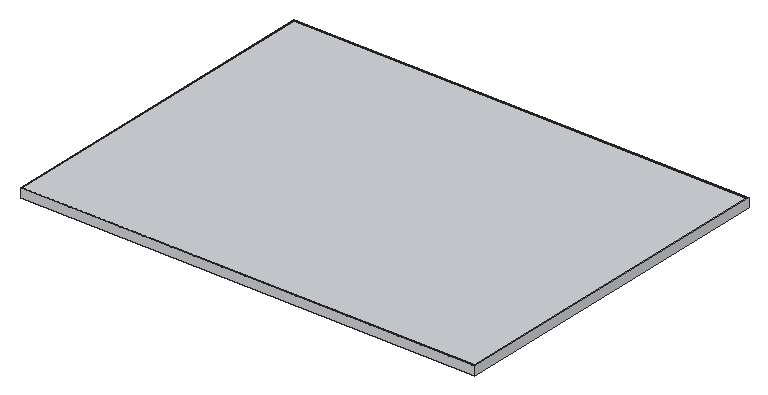
Revit family "Ghent - Flyte Frameless Whiteboard", category Furniture, host Face, Revit 2019
Family settings
  Host = Face
  Cut with Voids When Loaded = No
  Shared = No
  Room Calculation Point = No
Parameters (values of type "Solo - 18″ × 24″")
  Width = 1' - 11 15/16"
  Model = "FLYS1824"
  Created By = "ottobim"  # constant formula
  Board Surface [instance] = none
  URL = "https://ghent.com/flyte-solo"
  Manufacturer = "Ghent"  # constant formula
  Height = 1' - 6"
  Default Elevation = 4' - 0"
Types (17): name | Width | Model | URL | Height
  (no name) | 1' - 11 15/16" | "FLYS1824" | "https://ghent.com/flyte-solo" | 1' - 6"
  Duo - 18″ × 24″ | 1' - 11 15/16" | "FLYD1824" | "https://ghent.com/flyte-duo" | 1' - 6"
  Duo - 24″ × 36″ | 3' - 0" | "FLYD2436" | "https://ghent.com/flyte-duo" | 1' - 11 15/16"
  Duo - 36″ × 48″ | 4' - 0" | "FLYD3648" | "https://ghent.com/flyte-duo" | 3' - 0"
  Duo - 48″ × 48″ | 4' - 0" | "FLYD4848" | "https://ghent.com/flyte-duo" | 4' - 0"
  Duo - 48″ × 60″ | 5' - 0" | "FLYD4860" | "https://ghent.com/flyte-duo" | 4' - 0"
  Duo - 48″ × 72″ | 6' - 0 1/16" | "FLYD4872" | "https://ghent.com/flyte-duo" | 4' - 0"
  Duo - 48″ × 84″ | 7' - 0" | "FLYD4884" | "https://ghent.com/flyte-duo" | 4' - 0"
  Duo - 48″ × 96″ | 8' - 0 1/8" | "FLYD4896" | "https://ghent.com/flyte-duo" | 4' - 0"
  Solo - 18″ × 24″ | 1' - 11 15/16" | "FLYS1824" | "https://ghent.com/flyte-solo" | 1' - 6"
  Solo - 24″ × 36″ | 3' - 0" | "FLYS2436" | "https://ghent.com/flyte-solo" | 1' - 11 15/16"
  Solo - 36″ × 48″ | 4' - 0" | "FLYS3648" | "https://ghent.com/flyte-solo" | 3' - 0"
  Solo - 48″ × 48″ | 4' - 0" | "FLYS4848" | "https://ghent.com/flyte-solo" | 4' - 0"
  Solo - 48″ × 60″ | 5' - 0" | "FLYS4860" | "https://ghent.com/flyte-solo" | 4' - 0"
  Solo - 48″ × 72″ | 6' - 0 1/16" | "FLYS4872" | "https://ghent.com/flyte-solo" | 4' - 0"
  Solo - 48″ × 84″ | 7' - 0" | "FLYS4884" | "https://ghent.com/flyte-solo" | 4' - 0"
  Solo - 48″ × 96″ | 8' - 0 1/8" | "FLYS4896" | "https://ghent.com/flyte-solo" | 4' - 0"
Reference planes (in)
  plane 1 "Center (Front/Back)": y = 0
  plane 2: z = 0
  plane 3 "Center (Left/Right)": x = 0
  plane 4: x = -11.92875
  plane 5: x = -11.96875
  plane 6: x = 11.92875
  plane 7: x = 11.96875
  plane 8: y = 9
  plane 9: y = 8.96
  plane 10: y = -9
  plane 11: y = -8.96
  plane 12: z = 1.095
  plane 13: z = 0.625
  plane 14: x = -11.17875
  plane 15: x = -10.17875
  plane 16: x = 11.17875
  plane 17: x = 10.17875
Forms (in)
  Extrusion 1, solid, material <- "Board Surface"
    sketch origin (0, 0, 0) x (1, 0, 0) y (0, 1, 0)
      loop
        line (-11.96875, 9) -> (-11.96875, -9) -> (11.96875, -9) -> (11.96875, 9) -> (-11.96875, 9)
      loop
        line (11.92875, 8.96) -> (-11.92875, 8.96) -> (-11.92875, -8.96) -> (11.92875, -8.96) -> (11.92875, 8.96)
    from 0.625 to 1.095
  Extrusion 2, solid, material <- "Board Surface"
    sketch origin (0, 0, 0) x (1, 0, 0) y (0, 1, 0)
      loop
        line (11.92875, 8.96) -> (-11.92875, 8.96) -> (-11.92875, -8.96) -> (11.92875, -8.96) -> (11.92875, 8.96)
    from 0.625 to 1.095
Lines and regions (in)
  Masking region 1
    outline origin (0, 0, 0) x (1, 0, 0) y (0, 0, 1)
      loop
        line (-11.96875, 1.095) -> (-11.96875, 0.625) -> (11.96875, 0.625) -> (11.96875, 1.095) -> (-11.96875, 1.095)
  Masking region 2
    outline origin (0, 0, 0) x (1, 0, 0) y (0, 0, 1)
      loop
        line (-11.17875, 0.625) -> (-11.17875, 0) -> (-10.17875, 0) -> (-10.17875, 0.625) -> (-11.17875, 0.625)
      loop
        line (11.17875, 0.625) -> (10.17875, 0.625) -> (10.17875, 0) -> (11.17875, 0) -> (11.17875, 0.625)
Dimensions and locks (in)
  locked: plane 5 to plane 4 at 0.04
  locked: plane 7 to plane 6 at 0.04
  equal spacing: plane 5, plane 3 "Center (Left/Right)", plane 7
  locked: plane 9 to plane 8 at 0.04
  locked: plane 11 to plane 10 at 0.04
  equal spacing: plane 8, plane 1 "Center (Front/Back)", plane 10
  "Height": plane 8 to plane 10
  "Width": plane 5 to plane 7
  locked: plane 15 to plane 14 at 1
  plane 14 to plane 4 = 0' - 0 3/4"
  locked: plane 17 to plane 16 at 1
  plane 16 to plane 6 = 0' - 0 3/4"
  aligned and locked: plane 2 to host face
  aligned and locked: level to host face
  aligned and locked: plane 8 to Extrusion 1 sketch curve
  aligned and locked: plane 5 to Extrusion 1 sketch curve
  aligned and locked: plane 10 to Extrusion 1 sketch curve
  aligned and locked: plane 7 to Extrusion 1 sketch curve
  aligned and locked: Extrusion 1 sketch curve to plane 9
  aligned and locked: Extrusion 1 sketch curve to plane 6
  aligned and locked: Extrusion 1 sketch curve to plane 11
  aligned and locked: Extrusion 1 sketch curve to plane 4
  aligned and locked: plane 12 to Extrusion 1
  aligned and locked: Extrusion 2 sketch curve to plane 9
  aligned and locked: Extrusion 2 sketch curve to plane 4
  aligned and locked: Extrusion 2 sketch curve to plane 6
  aligned and locked: Extrusion 2 sketch curve to plane 11
  aligned and locked: Masking region 1 sketch curve to Extrusion 1  (x4)
  aligned and locked: Masking region 2 sketch curve to plane 13
  aligned and locked: plane 14 to Masking region 2 sketch curve
  aligned and locked: level to Masking region 2 sketch curve
  aligned and locked: Masking region 2 sketch curve to plane 15
  aligned and locked: Masking region 2 sketch curve to plane 16
  aligned and locked: plane 17 to Masking region 2 sketch curve
  aligned and locked: plane 13 to Masking region 2 sketch curve
  aligned and locked: Masking region 2 sketch curve to plane 2
Automatic sketch dimensions
  host sketch curve to host sketch curve = 8' - 0"  (x2)
